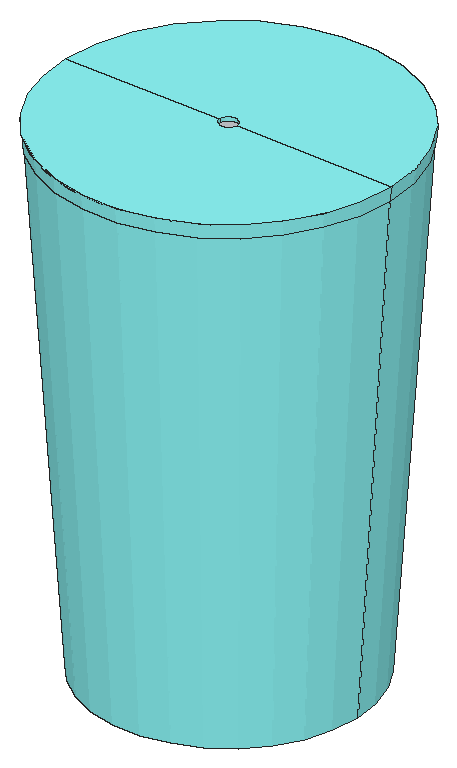
Revit family "PEU SHADE", category Lighting Fixtures, Revit 2024
Family settings
  Round Connector Dimension = Use Diameter
  Part Type = Normal
  OmniClass Number = 23.80.70.00
  OmniClass Title = Lighting
  Work Plane-Based = No
  Always vertical = Yes
  Cut with Voids When Loaded = No
  Light Source = Yes
  Maintain Annotation Orientation = No
  Shared = No
  Room Calculation Point = No
Parameters
  Wattage = 12.1178 W
  built-in parameter 1150110 = 1 (stored number, unit not read)
  built-in parameter 1114217 = 1 (stored number, unit not read)
  built-in parameter 1150109 = 1 (stored number, unit not read)
  built-in parameter 1150134 = (empty or 0)
  built-in parameter 1150113 = 1 (stored number, unit not read)
  Lumens = 1800 lm
  built-in parameter 1150115 = 1 (stored number, unit not read)
  built-in parameter 1150105 = 572.96 (stored number, unit not read)
  Light Source Symbol Size = 2' - 0"
  built-in parameter 1150137 = (empty or 0)
  built-in parameter 1150139 = (empty or 0)
  built-in parameter 1150112 = 1 (stored number, unit not read)
  built-in parameter 1150114 = 1 (stored number, unit not read)
  built-in parameter 1150132 = 2
  built-in parameter 1150102 = (empty or 0)
  built-in parameter 1150138 = (empty or 0)
  built-in parameter 1150107 = 3000 (stored number, unit not read)
  built-in parameter 1150106 = 5.7296 (stored number, unit not read)
  built-in parameter 1150104 = 13.8 (stored number, unit not read)
  Dimming Lamp Color Temperature Shift = (empty or 0)
  Default Elevation = 0' - 0"
  Color Filter = 16777215
  built-in parameter 1114218 = 1 (stored number, unit not read)
  built-in parameter 1150133 = 10 (stored number, unit not read)
Reference planes (in)
  plane 1 "Light Source Axis (F/B)": y = 0
  plane 2: z = 0
  plane 3 "Light Source Axis (L/R)": x = 0
  plane 4 "Light Source Elevation": z = 84
Forms (in)
  Revolve 1, solid
    sketch origin (0, 0, 0) x (1, 0, 0) y (0, 0, 1)
      loop
        line (-0.25, 98.25) -> (-4.7561, 98.25) -> (-4.73077, 97.875) -> (-4.6875, 97.875) -> (-3.75, 84) -> (-3.65604, 84) -> (-4.59987, 97.96875) -> (-4.64314, 97.96875) -> (-4.65581, 98.15625) -> (-0.25, 98.15625) -> (-0.25, 98.25)
      axis (0, 98.25) -> (0, 84)
    angle from 0 to 360
Dimensions and locks (in)
  aligned and locked: plane 3 "Light Source Axis (L/R)" to imposter light
  aligned and locked: plane 1 "Light Source Axis (F/B)" to imposter light
  aligned and locked: plane 4 "Light Source Elevation" to imposter light
  aligned and locked: level to plane 2
